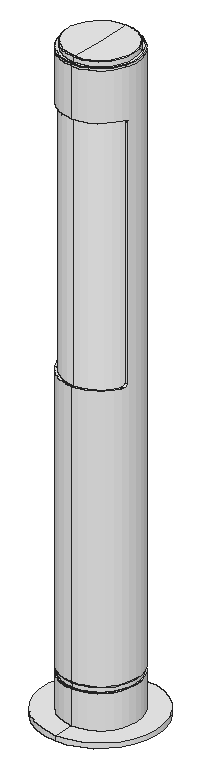
Revit family "Lighting_Outside_Focus-Lighting_Dua-Bollard", category Lighting Fixtures, Revit 2018
Family settings
  Round Connector Dimension = Use Diameter
  Part Type = Normal
  OmniClass Number = 23.80.70.00
  OmniClass Title = Lighting
  Work Plane-Based = No
  Always vertical = Yes
  Cut with Voids When Loaded = No
  Light Source = Yes
  Shared = No
  Room Calculation Point = No
Parameters (values of type "Dua Bollard - 12W, 350 mA, 2700 K, 90 Ra")
  Wattage = 9.2903 W
  WarrantyStartDate [instance] = "n/a"
  WarrantyGuarantorParts = "n/a"
  WarrantyGuarantorLabor = "n/a"
  WarrantyDurationUnit = "Years"
  WarrantyDurationParts = "n/a"
  WarrantyDurationLabor = "n/a"
  WarrantyDescription = "n/a"
  built-in parameter 1150110 = 1 (stored number, unit not read)
  VersionDate = "11/02/2021"  # constant formula
  Version = "1"  # constant formula
  UsageCurrent = 0.35 A
  Uniclass2015Reference = "Pr_70_70_48_32"
  Uniclass2015Description = "Free standing luminaires"
  Uniclass2 = "Pr_70_70_49"
  URL = "https://www.focus-lighting.dk/products/dua-bollard/"
  TotalWattage = 12 W
  built-in parameter 1114217 = 1 (stored number, unit not read)
  built-in parameter 1150109 = 1 (stored number, unit not read)
  built-in parameter 1150134 = (empty or 0)
  TagNumber [instance] = "n/a"
  SustainabilityPerformance = "n/a"
  built-in parameter 1150113 = 1 (stored number, unit not read)
  Size = "187x187x1000 mm"
  Shape = "Sculptured"
  SerialNumber [instance] = "n/a"
  Revision = "n/a"  # constant formula
  ReplacementCost = "n/a"
  ProductInformation = "Dua Bollard is minimalistic and yet characteristic in its slim and asymmetrical design. The two light sources combine primary light with glowing light on the surroundings."
  PhaseReference = "n/a"
  PhaseAngle = 0.00°
  NumberOfSources = 0
  NumberOfPoles = 1
  NominalWidth = 187 mm
  NominalVoltageCalc = 0 V
  NominalVoltage = 230 V
  NominalRadius = 93.5 mm
  NominalLength = 187 mm
  NominalHeight = 1004 mm
  NominalFrequencyRange = 50 Hz
  NominalDiameter = 187 mm
  NominalCurrent = 0 A
  Name = "Dua-Bollard"
  NBSReference = "90-60-50/405"
  NBSDescription = "General purpose luminaires"
  ModelReference = "n/a"
  ModelNumber = ArticleNumber  # "7858-"
  Model = "Dua Bollard - 12W, 350 mA, 2700 K, 90 Ra"
  Material = "Aluminium"
  ManufacturersSpecificInformation = "n/a"
  ManufacturerURL = "https://www.focus-lighting.dk/home/"
  ManufacturerName = "Focus Lighting"
  Manufacturer = "Focus lighting"
  MaintenanceFactor = 0
  Lumens = 1380 lm
  built-in parameter 1150115 = 1 (stored number, unit not read)
  built-in parameter 1150105 = 109.82 (stored number, unit not read)
  LightFixturePlacingType = "Floor"
  LightFixtureMountingType = "Surface"
  LightFixtureMainMaterial [instance] = Aluminum black
  Light Source Symbol Size = 609.6 mm
  built-in parameter 1150137 = (empty or 0)
  built-in parameter 1150139 = (empty or 0)
  LensMaterial = Microprismatic acrylate
  built-in parameter 1150112 = 1 (stored number, unit not read)
  built-in parameter 1150114 = 1 (stored number, unit not read)
  InsulationStandardClass = "Class II; use code for Class I"
  InstallationDate [instance] = "n/a"
  built-in parameter 1150132 = 2
  built-in parameter 1150102 = (empty or 0)
  built-in parameter 1150138 = (empty or 0)
  built-in parameter 1150107 = 2700 (stored number, unit not read)
  built-in parameter 1150106 = 1.0982 (stored number, unit not read)
  IfcExportType = "NOTDEFINED"  # constant formula
  IfcExportAs = "IfcLightFixtureType"  # constant formula
  IP_Code = "IP66"
  HasProtectiveEarth = no
  Grade = "n/a"
  Finish = "Finish Graphite grey: YW355F, Akzo Nobel; Silver grey: Y2370I, Akzo Nobel; Corten brown: YX355F, Akzo Nobel; Black: Noir 900 Sablé, SN351F, Akzo Nobel. Shade Acrylic tube with inside spinned grooves."
  Features = "Mounting For embedment or on flanged base. Connection max three cables 5x16 mm2.LED type Bridgelux V8 and V6. Power consumption 12 W, 350 mA. Colour rendering min 90 Ra. Colour accuracy 3 steps SDCM."
  ExpectedLife = "Operational life min 100,000 hours at ta max 25° C, L80B10."
  ElectricalDeviceNominalPower = 0
  built-in parameter 1150104 = 13.8 (stored number, unit not read)
  DurationUnit = "Hours"
  Dimming Lamp Color Temperature Shift = <None>
  Designer = "Juul | Frost Arkitekter"
  Description = "Dua Bollard is minimalistic and yet characteristic in its slim and asymmetrical design. The two light sources combine primary light with glowing light on the surroundings."
  DefaultElevation = 0 mm
  Constituents = "n/a"
  Color Filter = 16777215
  Color = "Various"
  Collection = "Dua"
  CodePerformance = "n/a"
  Category = "Outside"
  Brand = "Focus lighting"
  Barcode [instance] = "n/a"
  built-in parameter 1114218 = 1 (stored number, unit not read)
  BIMObjectName = "Lighting_Outside_Focus-Lighting_Dua-Bollard"
  built-in parameter 1150133 = 10 (stored number, unit not read)
  AssetType = "Fixed"
  AssetIdentifier [instance] = "n/a"
  ArticleNumber = "7858-"
  AccessibilityPerformance = "n/a"
Types (4, lengths in mm): name | built-in parameter 1150134 | Model | built-in parameter 1150107
  (no name) | (empty or 0) | "Dua Bollard - 12W, 350 mA, 2700 K, 90 Ra" | 2700 (stored number, unit not read)
  Dua Bollard - 12W, 350 mA, 2700 K, 90 Ra | (empty or 0) | "Dua Bollard - 12W, 350 mA, 2700 K, 90 Ra" | 2700 (stored number, unit not read)
  Dua Bollard - 12W, 350 mA, 3000 K, 90 Ra | (empty or 0) | "Dua Bollard - 12W, 350 mA, 3000 K, 90 Ra" | 3000 (stored number, unit not read)
  Dua Bollard - 12W, 350 mA, 4000 K, 90 Ra | 12 | "Dua Bollard - 12W, 350 mA, 4000 K, 90 Ra" | 4000 (stored number, unit not read)
Reference planes
  plane 1 "Light Source Axis (F/B)": y = 0
  plane 2: z = 0
  plane 3 "Light Source Axis (L/R)": x = 0
  plane 4 "Light Source Elevation": z = 714
  plane 5: y = 93.5
  plane 6: x = -93.5
  plane 7: y = -93.5
  plane 8: x = 93.5
  plane 9: z = 1004
Dimensions and locks
  equal spacing: plane 6, plane 3 "Light Source Axis (L/R)", plane 8
  equal spacing: plane 7, plane 1 "Light Source Axis (F/B)", plane 5
  "NominalWidth": plane 6 to plane 8
  "NominalLength": plane 7 to plane 5
  "NominalHeight": plane 9 to plane 2
  aligned and locked: plane 3 "Light Source Axis (L/R)" to imposter light
  aligned and locked: plane 1 "Light Source Axis (F/B)" to imposter light
  aligned and locked: plane 4 "Light Source Elevation" to imposter light
  aligned and locked: level to plane 2
  aligned and locked: plane 4 "Light Source Elevation" to nested 1
Nested families
  nested 1: "Dua-Bollard" at (0, 0, 0), Acrylic <- "LensMaterial", BodyVarnished <- "LightFixtureMainMaterial", type "Dua-Bollard"
    with BodyVarnished Aluminum black, Acrylic Microprismatic acrylate
Definition of nested family "Dua-Bollard"
  Parameters (values of type "Dua_Bollard")
    BodyVarnished [instance] = none
    Acrylic [instance] = none
  Reference planes
    plane 1 "Center (Front/Back)": y = 0
    plane 2: z = 0
    plane 3 "Center (Left/Right)": x = 0
    plane 4: y = 93.5
    plane 5: x = -93.5
    plane 6: z = 1004
    plane 7: z = 714
    plane 8: x = 93.5
    plane 9: y = -93.5
  Forms (mm)
    Revolve 1, solid, material <- "BodyVarnished", detail levels medium+fine
      sketch origin (0, 0, 0) x (0, 1, 0) y (0, 0, 1)
        loop
          line (53.5, 1004) -> (0, 1004) -> (0, 989) -> (56, 989) -> (56, 992) -> (60, 992) -> (60, 995) -> (59, 996) -> (54.5, 996) -> (54.5, 1003) -> (53.5, 1004)
        axis (0, 989) -> (0, 1004)
      angle from 0 to 360
    Revolve 2, solid, material <- "BodyVarnished", detail levels medium+fine
      sketch origin (0, 0, 0) x (0, 1, 0) y (0, 0, 1)
        loop
          line (56.5, 8) -> (60, 8) -> (60, 63) -> (59, 64) -> (57.5, 64) -> (57.5, 72) -> (59, 72) -> (60, 73) -> (60, 992) -> (56.5, 992) -> (56.5, 8)
        axis (0, 992) -> (0, 8)
      angle from 0 to 360
    Revolve 3, solid, material <- "Acrylic", detail levels medium+fine
      sketch origin (0, 0, 0) x (0, 1, 0) y (0, 0, 1)
        loop
          line (55, 985.5) -> (0, 985.5) -> (0, 982.5) -> (50, 982.5) -> (50, 895.312) -> (51.046, 893.5) -> (50, 891.688) -> (50, 875.312) -> (51.046, 873.5) -> (50, 871.688) -> (50, 855.312) -> (51.046, 853.5) -> (50, 851.688) -> (50, 835.312) -> (51.046, 833.5) -> (50, 831.688) -> (50, 815.312) -> (51.046, 813.5) -> (50, 811.688) -> (50, 795.312) -> (51.046, 793.5) -> (50, 791.688) -> (50, 775.312) -> (51.046, 773.5) -> (50, 771.688) -> (50, 755.312) -> (51.046, 753.5) -> (50, 751.688) -> (50, 735.312) -> (51.046, 733.5) -> (50, 731.688) -> (50, 715.312) -> (51.046, 713.5) -> (50, 711.688) -> (50, 695.312) -> (51.046, 693.5) -> (50, 691.688) -> (50, 675.312) -> (51.046, 673.5) -> (50, 671.688) -> (50, 655.312) -> (51.046, 653.5) -> (50, 651.688) -> (50, 635.312) -> (51.046, 633.5) -> (50, 631.688) -> (50, 615.312) -> (51.046, 613.5) -> (50, 611.688) -> (50, 595.312) -> (51.046, 593.5) -> (50, 591.688) -> (50, 575.312) -> (51.046, 573.5) -> (50, 571.688) -> (50, 555.312) -> (51.046, 553.5) -> (50, 551.688) -> (50, 535.312) -> (51.046, 533.5) -> (50, 531.688) -> (50, 515.312) -> (51.046, 513.5) -> (50, 511.688) -> (50, 335.312) -> (51.046, 333.5) -> (50, 331.688) -> (50, 315.312) -> (51.046, 313.5) -> (50, 311.688) -> (50, 295.312) -> (51.046, 293.5) -> (50, 291.688) -> (50, 275.312) -> (51.046, 273.5) -> (50, 271.688) -> (50, 167.5) -> (55, 167.5) -> (55, 985.5)
        loop
          line (0, 948) -> (0, 940) -> (48, 940) -> (49, 941) -> (49, 947) -> (48, 948) -> (0, 948)
        axis (0, 167.5) -> (0, 985.5)
      angle from 0 to 360
    Revolve 4, solid, material <- "BodyVarnished", detail levels medium+fine
      sketch origin (0, 0, 0) x (0, 1, 0) y (0, 0, 1)
        loop
          line (50, 0) -> (93.5, 0) -> (93.5, 8) -> (55, 8) -> (55, 165) -> (54, 166) -> (49.5, 166) -> (49.5, 175) -> (48.5, 176) -> (0, 176) -> (0, 161) -> (50, 161) -> (50, 0)
        axis (0, 0) -> (0, 176)
      angle from 0 to 360
    Extrusion 5, void
      sketch origin (0, 0, 0) x (0, 1, 0) y (0, 0, 1)
        loop
          line (-15.529, 519) -> (-15.529, 909)
          arc (-15.529, 909) -> (-16.994, 912.536) -> (-20.529, 914) r 5
          line (-20.529, 914) -> (-60, 914) -> (-60, 514) -> (-20.529, 514)
          arc (-20.529, 514) -> (-16.994, 515.464) -> (-15.529, 519) r 5
        loop
          line (42.567, 254) -> (60, 254) -> (60, 334) -> (42.567, 334)
          arc (42.567, 334) -> (39.739, 332.828) -> (38.567, 330) r 4
          line (38.567, 330) -> (38.567, 258)
          arc (38.567, 258) -> (39.739, 255.172) -> (42.567, 254) r 4
      from -60 to 60
    Extrusion 6, solid, material <- "BodyVarnished", detail levels coarse
      sketch origin (0, 0, 0) x (1, 0, 0) y (0, 1, 0)
        loop
          line (-93.5, 93.5) -> (-93.5, -93.5) -> (93.5, -93.5) -> (93.5, 93.5) -> (-93.5, 93.5)
      from 0 to 1004
  Cuts and joins
    Extrusion 5 cuts Revolve 2
  Lines and regions (mm)
    symbolic lines, detail levels medium+fine
      curve 1: line (0, 0, 1004) -> (0, 53.5, 1004)
      curve 2: line (0, 53.5, 1004) -> (0, 54.5, 1003)
      curve 3: line (0, 54.5, 1003) -> (0, 54.5, 996)
      curve 4: line (0, 54.5, 996) -> (0, 59, 996)
      curve 5: line (0, 59, 996) -> (0, 60, 995)
      curve 6: line (0, 60, 992) -> (0, 60, 334)
      curve 7: line (0, 60, 334) -> (0, 55, 334)
      curve 8: line (0, 60, 254) -> (0, 60, 73)
      curve 9: line (0, 60, 73) -> (0, 59, 72)
      curve 10: line (0, 59, 72) -> (0, 57.5, 72)
      curve 11: line (0, 57.5, 72) -> (0, 57.5, 64)
      curve 12: line (0, 57.5, 64) -> (0, 59, 64)
      curve 13: line (0, 59, 64) -> (0, 60, 63)
      curve 14: line (0, 60, 63) -> (0, 60, 8)
      curve 15: line (0, 60, 8) -> (0, 93.5, 8)
      curve 16: line (0, 93.5, 8) -> (0, 93.5, 0)
      curve 17: line (0, 93.5, 0) -> (0, -93.5, 0)
      curve 18: line (0, 55, 254) -> (0, 60, 254)
      curve 19: line (0, 0, 1004) -> (0, -53.5, 1004)
      curve 20: line (0, -53.5, 1004) -> (0, -54.5, 1003)
      curve 21: line (0, -54.5, 1003) -> (0, -54.5, 996)
      curve 22: line (0, -54.5, 996) -> (0, -59, 996)
      curve 23: line (0, -59, 996) -> (0, -60, 995)
      curve 24: line (0, -60, 992) -> (0, -60, 914)
      curve 25: line (0, -60, 73) -> (0, -59, 72)
      curve 26: line (0, -59, 72) -> (0, -57.5, 72)
      curve 27: line (0, -57.5, 72) -> (0, -57.5, 64)
      curve 28: line (0, -57.5, 64) -> (0, -59, 64)
      curve 29: line (0, -59, 64) -> (0, -60, 63)
      curve 30: line (0, -60, 63) -> (0, -60, 8)
      curve 31: line (0, -60, 8) -> (0, -93.5, 8)
      curve 32: line (0, -93.5, 8) -> (0, -93.5, 0)
      curve 36: line (0, -55, 914) -> (0, -60, 914)
      curve 37: line (0, -55, 914) -> (0, -55, 514)
      curve 38: line (0, -55, 514) -> (0, -60, 514)
      curve 39: line (0, -60, 514) -> (0, -60, 73)
      curve 40: line (54.5, 0, 996) -> (54.5, 0, 1003)
      curve 41: line (54.5, 0, 1003) -> (53.5, 0, 1004)
      curve 42: line (53.5, 0, 1004) -> (-53.5, 0, 1004)
      curve 43: line (60, 0, 995) -> (59, 0, 996)
      curve 44: line (59, 0, 996) -> (54.5, 0, 996)
      curve 45: line (93.5, 0, 0) -> (93.5, 0, 8)
      curve 46: line (93.5, 0, 8) -> (60, 0, 8)
      curve 47: line (60, 0, 8) -> (60, 0, 63)
      curve 48: line (60, 0, 63) -> (59, 0, 64)
      curve 49: line (59, 0, 64) -> (57.5, 0, 64)
      curve 50: line (57.5, 0, 64) -> (57.5, 0, 72)
      curve 51: line (57.5, 0, 72) -> (59, 0, 72)
      curve 52: line (59, 0, 72) -> (60, 0, 73)
      curve 53: line (60, 0, 73) -> (60, 0, 992)
      curve 54: line (60, 0, 992) -> (60, 0, 995)
      curve 55: line (0, -60, 995) -> (0, -60, 992)
      curve 57: line (0, 60, 992) -> (0, 60, 995)
      curve 60: line (-54.5, 0, 996) -> (-54.5, 0, 1003)
      curve 61: line (-54.5, 0, 1003) -> (-53.5, 0, 1004)
      curve 62: line (-60, 0, 995) -> (-59, 0, 996)
      curve 63: line (-59, 0, 996) -> (-54.5, 0, 996)
      curve 64: line (93.5, 0, 0) -> (-93.5, 0, 0)
      curve 65: line (-93.5, 0, 0) -> (-93.5, 0, 8)
      curve 66: line (-93.5, 0, 8) -> (-60, 0, 8)
      curve 67: line (-60, 0, 8) -> (-60, 0, 63)
      curve 68: line (-60, 0, 63) -> (-59, 0, 64)
      curve 69: line (-59, 0, 64) -> (-57.5, 0, 64)
      curve 70: line (-57.5, 0, 64) -> (-57.5, 0, 72)
      curve 71: line (-57.5, 0, 72) -> (-59, 0, 72)
      curve 72: line (-59, 0, 72) -> (-60, 0, 73)
      curve 73: line (-60, 0, 73) -> (-60, 0, 992)
      curve 74: line (-60, 0, 992) -> (-60, 0, 995)
      curve 97: circle (0, 0, 0) r 93.5 normal (0, 0, 1)
      curve 101: line (0, 55, 334) -> (0, 55, 254)
    symbolic lines, detail levels fine
      curve 33: line (0, 57.5, 64) -> (0, -57.5, 64)
      curve 34: line (0, -57.5, 72) -> (0, 57.5, 72)
      curve 35: line (0, -60, 8) -> (0, 60, 8)
      curve 56: line (0, -60, 992) -> (0, 60, 992)
      curve 58: line (0, 54.5, 996) -> (0, -54.5, 996)
      curve 59: line (60, 0, 992) -> (-60, 0, 992)
      curve 75: line (-60, 0, 8) -> (60, 0, 8)
      curve 76: line (-57.5, 0, 64) -> (57.5, 0, 64)
      curve 77: line (57.5, 0, 72) -> (-57.5, 0, 72)
      curve 78: line (56.425, 0, 914) -> (-56.425, 0, 914)
      curve 79: line (56.429, 0, 514) -> (-56.429, 0, 514)
      curve 80: line (-54.324, 0, 910.136) -> (-54.324, 0, 518.735)
      curve 81: spline (-54.324, 0, 910.136) -> (-54.287, 0, 910.673) -> (-54.229, 0, 911.188) -> (-54.149, 0, 911.675) -> (-54.048, 0, 912.128) -> (-53.928, 0, 912.542) -> (-53.791, 0, 912.912) -> (-53.637, 0, 913.232) -> (-53.469, 0, 913.5) -> (-53.289, 0, 913.711) -> (-53.1, 0, 913.864) -> (-52.902, 0, 913.957) -> (-52.699, 0, 913.988)
      curve 82: spline (-52.694, 0, 514.013) -> (-52.897, 0, 514.052) -> (-53.097, 0, 514.17) -> (-53.291, 0, 514.365) -> (-53.475, 0, 514.634) -> (-53.647, 0, 514.972) -> (-53.805, 0, 515.375) -> (-53.945, 0, 515.835) -> (-54.066, 0, 516.347) -> (-54.166, 0, 516.901) -> (-54.243, 0, 517.49) -> (-54.296, 0, 518.105) -> (-54.324, 0, 518.735)
      curve 83: spline (-57.959, 0, 519) -> (-57.968, 0, 518.344) -> (-57.948, 0, 517.702) -> (-57.899, 0, 517.083) -> (-57.821, 0, 516.497) -> (-57.717, 0, 515.955) -> (-57.587, 0, 515.466) -> (-57.435, 0, 515.037) -> (-57.262, 0, 514.676) -> (-57.072, 0, 514.388) -> (-56.867, 0, 514.18) -> (-56.652, 0, 514.053) -> (-56.429, 0, 514.011)
      curve 84: line (-57.959, 0, 519) -> (-57.959, 0, 908.947)
      curve 85: spline (-56.425, 0, 913.989) -> (-56.624, 0, 913.946) -> (-56.819, 0, 913.817) -> (-57.008, 0, 913.606) -> (-57.187, 0, 913.315) -> (-57.353, 0, 912.95) -> (-57.504, 0, 912.516) -> (-57.636, 0, 912.02) -> (-57.748, 0, 911.472) -> (-57.838, 0, 910.881) -> (-57.903, 0, 910.256) -> (-57.944, 0, 909.607) -> (-57.959, 0, 908.947)
      curve 86: line (54.324, 0, 910.136) -> (54.324, 0, 518.735)
      curve 87: spline (54.324, 0, 910.136) -> (54.287, 0, 910.673) -> (54.229, 0, 911.188) -> (54.149, 0, 911.675) -> (54.048, 0, 912.128) -> (53.928, 0, 912.542) -> (53.791, 0, 912.912) -> (53.637, 0, 913.232) -> (53.469, 0, 913.5) -> (53.289, 0, 913.711) -> (53.1, 0, 913.864) -> (52.902, 0, 913.957) -> (52.699, 0, 913.988)
      curve 88: spline (52.694, 0, 514.013) -> (52.897, 0, 514.052) -> (53.097, 0, 514.17) -> (53.291, 0, 514.365) -> (53.475, 0, 514.634) -> (53.647, 0, 514.972) -> (53.805, 0, 515.375) -> (53.945, 0, 515.835) -> (54.066, 0, 516.347) -> (54.166, 0, 516.901) -> (54.243, 0, 517.49) -> (54.296, 0, 518.105) -> (54.324, 0, 518.735)
      curve 89: spline (57.959, 0, 519) -> (57.968, 0, 518.344) -> (57.948, 0, 517.702) -> (57.899, 0, 517.083) -> (57.821, 0, 516.497) -> (57.717, 0, 515.955) -> (57.587, 0, 515.466) -> (57.435, 0, 515.037) -> (57.262, 0, 514.676) -> (57.072, 0, 514.388) -> (56.867, 0, 514.18) -> (56.652, 0, 514.053) -> (56.429, 0, 514.011)
      curve 90: line (57.959, 0, 519) -> (57.959, 0, 908.947)
      curve 91: spline (56.425, 0, 913.989) -> (56.624, 0, 913.946) -> (56.819, 0, 913.817) -> (57.008, 0, 913.606) -> (57.187, 0, 913.315) -> (57.353, 0, 912.95) -> (57.504, 0, 912.516) -> (57.636, 0, 912.02) -> (57.748, 0, 911.472) -> (57.838, 0, 910.881) -> (57.903, 0, 910.256) -> (57.944, 0, 909.607) -> (57.959, 0, 908.947)
      curve 92: line (-54.5, 0, 996) -> (54.5, 0, 996)
      curve 93: circle (0, 0, 0) r 60 normal (0, 0, 1)
      curve 94: circle (0, 0, 0) r 59 normal (0, 0, -1)
      curve 95: circle (0, 0, 0) r 54.5 normal (0, 0, 1)
      curve 96: circle (0, 0, 0) r 53.5 normal (0, 0, -1)
      curve 98: line (0, 38.567, 330.329) -> (0, 38.567, 258)
      curve 99: spline (0, 42.023, 333.978) -> (0, 41.632, 333.948) -> (0, 41.245, 333.861) -> (0, 40.867, 333.716) -> (0, 40.503, 333.515) -> (0, 40.158, 333.262) -> (0, 39.836, 332.958) -> (0, 39.539, 332.608) -> (0, 39.273, 332.217) -> (0, 39.04, 331.787) -> (0, 38.843, 331.326) -> (0, 38.685, 330.838) -> (0, 38.567, 330.329)
      curve 100: arc (0, 38.567, 258) -> (0, 39.739, 255.172) -> (0, 42.567, 254) r 4
      curve 102: line (0, 55, 254) -> (0, 42.567, 254)
      curve 103: line (0, 55, 334) -> (0, 42.023, 334)
  Dimensions and locks
    aligned and locked: level to plane 2
